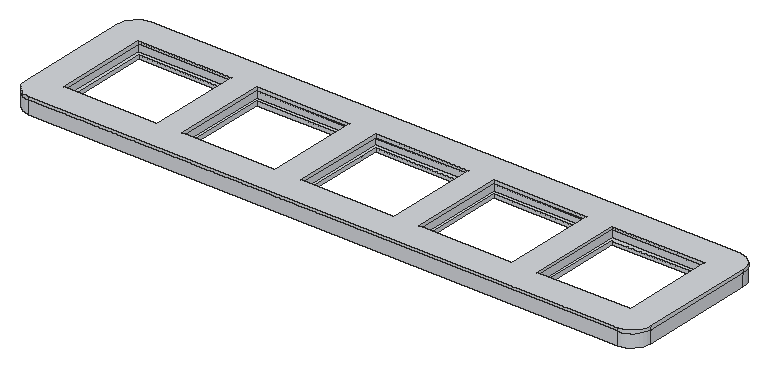
Revit family "Gira_0215423", category Electrical Fixtures, host Face, Revit 2017
Family settings
  Host = Face
  Maintain Annotation Orientation = No
  Round Connector Dimension = Use Diameter
  Part Type = Normal
  Cut with Voids When Loaded = No
  Shared = No
  Room Calculation Point = No
Parameters (values of type "Abdeckrahmen 5f Gira E3 Dklgrau/Anthrazit")
  Werkstoffgüte = "sonstige"
  Werkstoff = "sonstige"
  URL = "http://katalog.gira.de/de_DE/datenblatt.html?artikelnr=0215423"
  Transparent = "No"
  Textfeld/Beschriftungsfläche = "No"
  Schutzart (IP) = "IP20"
  Region = "DE"
  Oberfläche = "sonstige"
  Name = "Abdeckrahmen 5f Gira E3 Dklgrau/Anthrazit"
  Montagerichtung = "horizontal und vertikal"
  Mit Montagerahmen = "No"
  Mit Klappdeckel = "No"
  Manufacturer URL = "https://www.gira.de/"
  Keynote = "E3_Rahmen_5fach"
  HeinzeBIM = "https://bimportal.heinze.de/bim/abdeckrahmen-5f-gira-e3-dklgrau-anthrazit/f9a7bd0bd218113d1d3d9eb6e9421c04ae76fe88"
  Halogenfrei = "No"
  HAN = "0215423"
  Geeignet für Unterputz-Installation = "Yes"
  Geeignet für Unterflurkanaldose = "No"
  Geeignet für Geräteeinbaukanal = "No"
  Geeignet für Einbauinstallation = "No"
  GTIN = "4010337024125"
  Farbe = "grau"
  Default Elevation = 1219.2 mm
  Data sheet (1) = "https://katalog.gira.de/de_DE/download.html?artikelnr=0215423"
  Category = "Abdeckrahmen"
  Befestigungsart = "Klemmbefestigung"
  Available = "Yes"
  Anzahl der Einheiten vertikal = "5 "
  Anzahl der Einheiten horizontal = "5 "
  Anzahl der Einheiten = "5 "
Reference planes
  plane 1 "Center (Front/Back)": y = 0
  plane 2: z = 0
  plane 3 "Center (Left/Right)": x = 0
Forms (mm)
  Extrusion 1, solid, detail levels fine
    sketch origin (0, 0, 0) x (1, 0, 0) y (0, 1, 0)
      loop
        arc (-177.4, 45.809) -> (-185.185, 42.585) -> (-188.409, 34.8) r 11.009
        line (-188.409, 34.8) -> (-188.409, -34.8)
        arc (-188.409, -34.8) -> (-185.185, -42.585) -> (-177.4, -45.809) r 11.009
        line (-177.4, -45.809) -> (177.4, -45.809)
        arc (177.4, -45.809) -> (185.185, -42.585) -> (188.409, -34.8) r 11.009
        line (188.409, -34.8) -> (188.409, 34.8)
        arc (188.409, 34.8) -> (185.185, 42.585) -> (177.4, 45.809) r 11.009
        line (177.4, 45.809) -> (-177.4, 45.809)
      loop
        line (-114.5, 28.187) -> (-170.756, 28.187) -> (-170.756, -28.187) -> (-114.5, -28.187) -> (-114.5, 28.187)
      loop
        line (-99.6, 28.187) -> (-99.6, -28.187) -> (-43.344, -28.187) -> (-43.344, 28.187) -> (-99.6, 28.187)
      loop
        line (114.5, 28.187) -> (114.5, -28.187) -> (170.756, -28.187) -> (170.756, 28.187) -> (114.5, 28.187)
      loop
        line (28.301, 28.187) -> (-27.955, 28.187) -> (-27.955, -28.187) -> (28.301, -28.187) -> (28.301, 28.187)
      loop
        line (43.143, 28.187) -> (43.143, -28.187) -> (99.399, -28.187) -> (99.399, 28.187) -> (43.143, 28.187)
    from 7.65 to 9.5
  Extrusion 2, solid, detail levels fine
    sketch origin (-142.8, 0, 0) x (1, 0, 0) y (0, 1, 0)
      loop
        line (26.1, 25.7) -> (-25.7, 25.7) -> (-25.7, -25.7) -> (26.1, -25.7) -> (26.1, 25.7)
      loop
        line (-28.187, -28.156) -> (28.187, -28.156) -> (28.187, 28.156) -> (-28.187, 28.156) -> (-28.187, -28.156)
    from 1.65 to 3.9
  Extrusion 3, solid, detail levels fine
    sketch origin (0, 0, 0) x (1, 0, 0) y (0, 1, 0)
      loop
        arc (-177.4, 45.809) -> (-185.185, 42.585) -> (-188.409, 34.8) r 11.009
        line (-188.409, 34.8) -> (-188.409, -34.8)
        arc (-188.409, -34.8) -> (-185.185, -42.585) -> (-177.4, -45.809) r 11.009
        line (-177.4, -45.809) -> (177.4, -45.809)
        arc (177.4, -45.809) -> (185.185, -42.585) -> (188.409, -34.8) r 11.009
        line (188.409, -34.8) -> (188.409, 34.8)
        arc (188.409, 34.8) -> (185.185, 42.585) -> (177.4, 45.809) r 11.009
        line (177.4, 45.809) -> (-177.4, 45.809)
      loop
        line (-186.443, 34.785) -> (-186.443, -34.785)
        arc (-186.443, -34.785) -> (-183.79, -41.19) -> (-177.385, -43.843) r 9.058
        line (-177.385, -43.843) -> (177.385, -43.843)
        arc (177.385, -43.843) -> (183.79, -41.19) -> (186.443, -34.785) r 9.058
        line (186.443, -34.785) -> (186.443, 34.785)
        arc (186.443, 34.785) -> (183.79, 41.19) -> (177.385, 43.843) r 9.058
        line (177.385, 43.843) -> (-177.385, 43.843)
        arc (-177.385, 43.843) -> (-183.79, 41.19) -> (-186.443, 34.785) r 9.058
    from 0 to 7.65
  Extrusion 4, solid, detail levels fine
    sketch origin (-35.75, 0, 0) x (1, 0, 0) y (0, 1, 0)
      loop
        line (-134.256, -31.075) -> (205.755, -31.075)
        arc (205.755, -31.075) -> (208.399, -29.98) -> (209.494, -27.337) r 3.739
        line (209.494, -27.337) -> (209.494, 27.337)
        arc (209.494, 27.337) -> (208.399, 29.98) -> (205.755, 31.075) r 3.739
        line (205.755, 31.075) -> (-134.256, 31.075)
        arc (-134.256, 31.075) -> (-136.899, 29.98) -> (-137.994, 27.337) r 3.739
        line (-137.994, 27.337) -> (-137.994, -27.337)
        arc (-137.994, -27.337) -> (-136.899, -29.98) -> (-134.256, -31.075) r 3.739
      loop
        line (-136.844, 27.537) -> (-136.844, -27.537)
        arc (-136.844, -27.537) -> (-136.145, -29.226) -> (-134.456, -29.925) r 2.389
        line (-134.456, -29.925) -> (205.955, -29.925)
        arc (205.955, -29.925) -> (207.644, -29.226) -> (208.344, -27.537) r 2.389
        line (208.344, -27.537) -> (208.344, 27.537)
        arc (208.344, 27.537) -> (207.644, 29.226) -> (205.955, 29.925) r 2.389
        line (205.955, 29.925) -> (-134.456, 29.925)
        arc (-134.456, 29.925) -> (-136.145, 29.226) -> (-136.844, 27.537) r 2.389
    from 1.65 to 7.65
  Extrusion 5, solid, detail levels fine
    sketch origin (0, 0, 0) x (1, 0, 0) y (0, 1, 0)
      loop
        line (-174.653, -39.8) -> (174.653, -39.8)
        arc (174.653, -39.8) -> (180.267, -36.708) -> (182.5, -30.7) r 9.2
        line (182.5, -30.7) -> (182.5, 30.7)
        arc (182.5, 30.7) -> (179.805, 37.205) -> (173.3, 39.9) r 9.2
        line (173.3, 39.9) -> (-173.3, 39.9)
        arc (-173.3, 39.9) -> (-179.805, 37.205) -> (-182.5, 30.7) r 9.2
        line (-182.5, 30.7) -> (-182.5, -30.7)
        arc (-182.5, -30.7) -> (-180.267, -36.708) -> (-174.653, -39.8) r 9.2
      loop
        line (-173.3, -31.7) -> (173.3, -31.7)
        arc (173.3, -31.7) -> (174.007, -31.407) -> (174.3, -30.7) r 1
        line (174.3, -30.7) -> (174.3, 30.7)
        arc (174.3, 30.7) -> (174.007, 31.407) -> (173.3, 31.7) r 1
        line (173.3, 31.7) -> (-173.3, 31.7)
        arc (-173.3, 31.7) -> (-174.007, 31.407) -> (-174.3, 30.7) r 1
        line (-174.3, 30.7) -> (-174.3, -30.7)
        arc (-174.3, -30.7) -> (-174.007, -31.407) -> (-173.3, -31.7) r 1
    from 1.65 to 3.9
  Extrusion 6, solid, detail levels fine
    sketch origin (-142.8, 0, 0) x (1, 0, 0) y (0, 1, 0)
      loop
        line (-28.187, 28.156) -> (-28.187, -28.156) -> (28.187, -28.156) -> (28.187, 28.156) -> (-28.187, 28.156)
      loop
        line (-29.925, 29.925) -> (-29.925, -29.925) -> (29.925, -29.925) -> (29.925, 29.925) -> (-29.925, 29.925)
    from 1.65 to 7.65
  Extrusion 7, solid, detail levels coarse+medium
    sketch origin (0, 0, 0) x (1, 0, 0) y (0, 1, 0)
      loop
        line (-188.409, 45.809) -> (-188.409, -45.809) -> (188.409, -45.809) -> (188.409, 45.809) -> (-188.409, 45.809)
    from 0 to 9.5
  Extrusion 8, solid, detail levels fine
    sketch origin (-71.3, 0, 0) x (-1, 0, 0) y (0, -1, 0)
      loop
        line (25.9, -25.7) -> (25.9, 25.7) -> (-25.9, 25.7) -> (-25.9, -25.7) -> (25.9, -25.7)
      loop
        line (-28.187, 28.156) -> (-28.187, -28.156) -> (28.187, -28.156) -> (28.187, 28.156) -> (-28.187, 28.156)
    from 1.65 to 3.9
  Extrusion 9, solid, detail levels fine
    sketch origin (-71.3, 0, 0) x (-1, 0, 0) y (0, -1, 0)
      loop
        line (-28.187, -28.156) -> (28.187, -28.156) -> (28.187, 28.156) -> (-28.187, 28.156) -> (-28.187, -28.156)
      loop
        line (-29.925, -29.925) -> (29.925, -29.925) -> (29.925, 29.925) -> (-29.925, 29.925) -> (-29.925, -29.925)
    from 1.65 to 7.65
  Extrusion 10, solid, detail levels fine
    sketch origin (0.2, 0, 0) x (-1, 0, 0) y (0, -1, 0)
      loop
        line (26.1, -25.7) -> (26.1, 25.7) -> (-25.7, 25.7) -> (-25.7, -25.7) -> (26.1, -25.7)
      loop
        line (-28.187, 28.156) -> (-28.187, -28.156) -> (28.187, -28.156) -> (28.187, 28.156) -> (-28.187, 28.156)
    from 1.65 to 3.9
  Extrusion 11, solid, detail levels fine
    sketch origin (0.2, 0, 0) x (-1, 0, 0) y (0, -1, 0)
      loop
        line (-28.187, -28.156) -> (28.187, -28.156) -> (28.187, 28.156) -> (-28.187, 28.156) -> (-28.187, -28.156)
      loop
        line (-29.925, -29.925) -> (29.925, -29.925) -> (29.925, 29.925) -> (-29.925, 29.925) -> (-29.925, -29.925)
    from 1.65 to 7.65
  Extrusion 12, solid, detail levels fine
    sketch origin (71.5, 0, 0) x (-1, 0, 0) y (0, -1, 0)
      loop
        line (26.1, -25.7) -> (26.1, 25.7) -> (-25.7, 25.7) -> (-25.7, -25.7) -> (26.1, -25.7)
      loop
        line (-28.187, 28.156) -> (-28.187, -28.156) -> (28.187, -28.156) -> (28.187, 28.156) -> (-28.187, 28.156)
    from 1.65 to 3.9
  Extrusion 13, solid, detail levels fine
    sketch origin (71.5, 0, 0) x (-1, 0, 0) y (0, -1, 0)
      loop
        line (-28.187, -28.156) -> (28.187, -28.156) -> (28.187, 28.156) -> (-28.187, 28.156) -> (-28.187, -28.156)
      loop
        line (-29.925, -29.925) -> (29.925, -29.925) -> (29.925, 29.925) -> (-29.925, 29.925) -> (-29.925, -29.925)
    from 1.65 to 7.65
  Extrusion 14, solid, detail levels fine
    sketch origin (142.8, 0, 0) x (-1, 0, 0) y (0, -1, 0)
      loop
        line (26.1, -25.7) -> (26.1, 25.7) -> (-25.7, 25.7) -> (-25.7, -25.7) -> (26.1, -25.7)
      loop
        line (-28.187, 28.156) -> (-28.187, -28.156) -> (28.187, -28.156) -> (28.187, 28.156) -> (-28.187, 28.156)
    from 1.65 to 3.9
  Extrusion 15, solid, detail levels fine
    sketch origin (142.8, 0, 0) x (-1, 0, 0) y (0, -1, 0)
      loop
        line (-28.187, -28.156) -> (28.187, -28.156) -> (28.187, 28.156) -> (-28.187, 28.156) -> (-28.187, -28.156)
      loop
        line (-29.925, -29.925) -> (29.925, -29.925) -> (29.925, 29.925) -> (-29.925, 29.925) -> (-29.925, -29.925)
    from 1.65 to 7.65
Dimensions and locks
  aligned and locked: plane 2 to host face
  aligned and locked: level to host face
